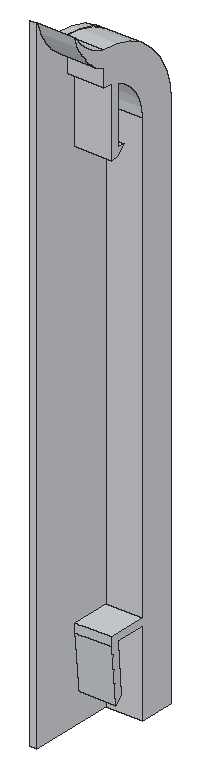
Revit family "HansWeitzel_2513", category Allgemeines Modell, Revit 2017
Family settings
  Basisbauteil = Wand
  Kann Basisbauteil für Bewehrung sein = Nein
  Bemaßung runder Anschluss = Durchmesser verwenden
  Teiletyp = Normal
  Immer vertikal = Ja
  Beim Laden mit Abzugskörper schneiden = Nein
  Gemeinsam genutzt = Nein
  Raumberechnungspunkt = Nein
Parameters
  max. Betriebstemperatur (°C) = 90
  Werkstoff = "Polystyrol"
  Wandmontage möglich = yes
  Typname = "HZ-Stoßverbinder BLF Graphit"
  Tiefe (mm) = 30
  Profilart = "Anschlussprofi"
  Menge pro Verpackungseinheit = 10
  Ist Zubehör = no
  Ist System = no
  Höhe [mm] = 93
  Hersteller = "Hans Weitzel GmbH & Co. KG"
  HeinzeBIM = "https://www.heinze.de/bim/hz-stossverbinder-blf-graphit/759455f9cb85bc10949abfc32dc33b2d70ab223b"
  HAN = "2513"
  Gewicht unverpackt (netto) [kg] = 0.008
  GTIN = "4022023220919"
  Farbton = "grau"
  Dekor = "Graphit"
  Breite [mm] = 40
  Beschreibung = "HZ-Stoßverbinder BLF Graphit Formteil an Sollbruchstelle einkürzen"
  BIMSITE_PRODUCT_ID = "759455f9cb85bc10949abfc32dc33b2d70ab223b"
  BIM = "https://media.live.bim.site/t/eyJhbGciOiJIUzI1NiIsInR5cCI6IkpXVCJ9.eyJjdCI6MSwidGYiOiJwdWJsaWMvaGFucy13ZWl0emVsLWdtYmgtY28ta2cvMjI1MGEyZS9IWl9CTEZfU3Rvc3N2ZXJiaW5kZXJfQmxpbmRsLnJmYSIsImNpZCI6ImZlZDk4ZTlhLTFiZDgtNGM2OC1hNzNiLTc0YTk0ZTMxNTgyMyIsInJpZCI6IjE4N2MzZTM3NDlkODJkZDMwMTM3YmVlZTc0NjM2MTMyIiwicGlkIjoiNzU5NDU1ZjljYjg1YmMxMDk0OWFiZmMzMmRjMzNiMmQ3MGFiMjIzYiIsInNpZCI6IjYzNTU4IiwidXQiOjUsImxjIjoiZGUiLCJpYXQiOjE1ODAyMDcxMzYsImlzcyI6Imh0dHBzOi8vYXBpLmxpdmUuYmltLnNpdGUiLCJzdWIiOiJmNTg2YzRiNi1hNTA4LTQyN2EtOTgxOC0xMzE3OTY2NTc2YmMifQ.Ddt1ALpwTSXLsMXaqR4-d3J_U_BXdk8Sk2j2FlBlluA/HZ_BLF_Stossverbinder_Blindl.rfa"
Reference planes
  plane 1: y = 0
  plane 2 "Center (Left/Right)": x = 0
  plane 3 "Wall Edge": y = 76.2
Text (mm)
  text "Placement Side" at (0, 1019.848, 3124.603), in view "Right"
  text "Placement Side" at (-1787.662, 723.012, 0), in view "Ref. Level"
  text "Placement Side" at (0, 2073.289, 3571.227), in view "Left"
Dimensions and locks
  locked: plane 3 "Wall Edge" to host wall
  aligned and locked: plane 3 "Wall Edge" to nested 1
Nested families
  nested 1: "HZ_BLF_Stossverbinder_Blindl" at (1, 76.2, 0), type "HZ_BLF_Stossverbinder_Blindl"
Definition of nested family "HZ_BLF_Stossverbinder_Blindl"
  Reference planes
    plane 1 "Center (Front/Back)": y = 0
    plane 2: z = 0
    plane 3 "Center (Left/Right)": x = 0
  Forms (mm)
    Extrusion 1, solid
      sketch origin (0, 0, 0) x (0, 1, 0) y (0, 0, 1)
        loop
          arc (16, 72) -> (12.727, 79.83) -> (4.854, 82.999) r 11
          arc (4.854, 82.999) -> (2.091, 84.316) -> (0, 86.553) r 8.222
          arc (0, 86.553) -> (1.757, 83.087) -> (4.851, 80.736) r 8.67
          line (4.851, 80.736) -> (4.851, 78.472)
          arc (4.851, 78.472) -> (5.499, 78.442) -> (6.14, 78.346) r 6.5
          line (6.14, 78.346) -> (6.14, 69.232) -> (7.064, 69.232) -> (8.141, 70.371) -> (7.148, 70.371) -> (7.148, 78.059)
          arc (7.148, 78.059) -> (10.208, 75.675) -> (11.366, 71.972) r 6.5
          line (11.366, 71.972) -> (11.366, 12.318) -> (6.13, 12.318) -> (6.13, 11.14) -> (6.85, 3.802) -> (7.723, 4.72) -> (7.157, 11.4) -> (11.366, 11.4) -> (11.366, 0) -> (16, 0) -> (16, 72)
      from 0 to 5
    Extrusion 2, solid
      sketch origin (-1, 0, 0) x (0, 1, 0) y (0, 0, 1)
        loop
          line (16, 0) -> (16, 72)
          arc (16, 72) -> (12.727, 79.83) -> (4.854, 82.999) r 11
          arc (4.854, 82.999) -> (2.091, 84.316) -> (0, 86.553) r 8.222
          line (0, 86.553) -> (0, 0) -> (16, 0)
      from 0 to 1
  Dimensions and locks
    aligned and locked: plane 2 to level
